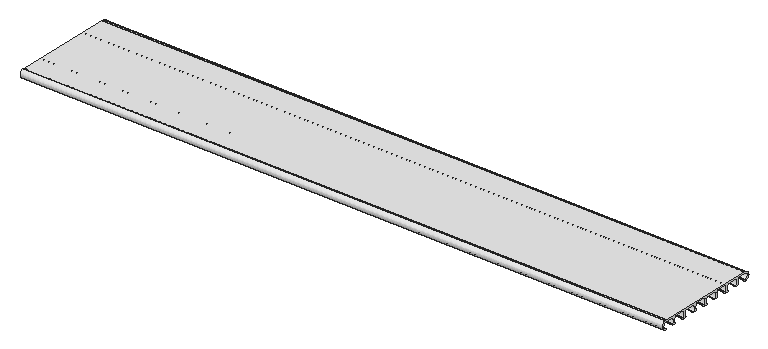
Revit family "Shelf-8in_Rakks", category Specialty Equipment, Revit 2026
Family settings
  Round Connector Dimension = Use Diameter
  Part Type = Normal
  Classification Number = 23.40.50.31.11.14
  Work Plane-Based = No
  Enable Cutting in Views = No
  Always vertical = Yes
  Cut with Voids When Loaded = No
  Maintain Annotation Orientation = No
  Shared = Yes
  Room Calculation Point = No
Parameters
  Warranty Duration (Years) = 0
  Unit Width [instance] = 4' - 0"
  Unit Depth = 0' - 8"
  URL = "http://www.rakks.com/"
  Test Data = "http://www.rakks.com/pdfs/Rangine_Corporation_Leed_Statement.pdf"
  Specification = "http://www.arcat.com/sdspecs/htm/10670rak.htm"
  Send Message = "http://www.arcat.com/users.pl?action=UserEmail&company=Rangine%20Corp.%20-%20Rakks&coid=35076&rep=116&fax=781-455-8702&mf="
  Sales Information = "http://store.rakks.com/"
  Revision = "R1_03-2010"
  Product Properties = "http://www.arcat.com/bim/bim_info.pl?fn=Shelving_Rakks"
  Product Data = "http://www.arcat.com/arcatcos/cos35/arc35076.html"
  Model = ""
  Material = Metal - Clear Anodized
  Manufacturer Website = "http://www.rakks.com/"
  Manufacturer Phone - Toll Free = "800-826-6006"
  Manufacturer Phone = "781-455-8700"
  Manufacturer Fax = "781-455-8702"
  Manufacturer Address = "330 Reservoir St., Needham, MA 02494"
  Manufacturer = "Rangine Corp. - Rakks"
  Maintenance Schedule (Months) = 0
  Keynote = "10 56 00"
  Installation-Fabrication = "http://www.rakks.com/literature/install.html"
  Installation Phase = ""
  Green Building-LEED = "http://www.arcat.com/green/clients/leed_data_35076.html"
  Expected Lifespan (Years) = 0
  Drawn By = "Robert S. Weygant, CSI, CDT, SCIP"
  Description = ""
  Default Elevation = 0' - 0"
  Copyright = "2010, ARCAT, Inc"
  Construction Details = "http://www.arcat.com/details/rangine/rangine.html?coid=35076"
  Capacity (Weight) = 0.00 lbf
  Building Codes = ""
  Assembly Code = "E1010500"
Reference planes (in)
  plane 1 "Back": y = 0
  plane 2: z = 0
  plane 3 "Center (Left/Right)": x = 0
  plane 4: x = -24
  plane 5: x = 24
Forms (in)
  Extrusion 1, solid, material "Metal - Clear Anodized" <- "Material"
    sketch origin (0, 0, 0) x (0, 1, 0) y (0, 0, 1)
      loop
        line (-7.65737, 0.5821) -> (-7.67948, 0.55999) -> (-7.71569, 0.55999)
        arc (-7.71569, 0.55999) -> (-7.99527, 0.29511) -> (-7.74587, 0.00164) r 0.27999
        arc (-7.74587, 0.00164) -> (-7.71554, 0.02601) -> (-7.73989, 0.05636) r 0.02753
        arc (-7.73989, 0.05636) -> (-7.9399, 0.29235) -> (-7.71524, 0.505) r 0.225
        line (-7.71524, 0.505) -> (-7.06263, 0.505)
        arc (-7.06263, 0.505) -> (-6.98784, 0.28921) -> (-7.02518, 0.0639) r 0.4635
        line (-7.02518, 0.0639) -> (-7.02518, 0) -> (-6.87949, 0)
        arc (-6.87949, 0) -> (-6.86654, 0.00743) -> (-6.86643, 0.02237) r 0.015
        arc (-6.86643, 0.02237) -> (-6.9259, 0.26603) -> (-6.84973, 0.505) r 0.4635
        line (-6.84973, 0.505) -> (-6.07563, 0.505)
        arc (-6.07563, 0.505) -> (-5.99945, 0.26603) -> (-6.05892, 0.02237) r 0.4635
        arc (-6.05892, 0.02237) -> (-6.05881, 0.00743) -> (-6.04586, 0) r 0.015
        line (-6.04586, 0) -> (-5.89249, 0)
        arc (-5.89249, 0) -> (-5.87954, 0.00743) -> (-5.87943, 0.02237) r 0.015
        arc (-5.87943, 0.02237) -> (-5.9389, 0.26603) -> (-5.86273, 0.505) r 0.4635
        line (-5.86273, 0.505) -> (-5.08863, 0.505)
        arc (-5.08863, 0.505) -> (-5.01245, 0.26603) -> (-5.07192, 0.02237) r 0.4635
        arc (-5.07192, 0.02237) -> (-5.07181, 0.00743) -> (-5.05886, 0) r 0.015
        line (-5.05886, 0) -> (-4.90549, 0)
        arc (-4.90549, 0) -> (-4.89254, 0.00743) -> (-4.89243, 0.02237) r 0.015
        arc (-4.89243, 0.02237) -> (-4.9519, 0.26603) -> (-4.87573, 0.505) r 0.4635
        line (-4.87573, 0.505) -> (-4.12163, 0.505)
        arc (-4.12163, 0.505) -> (-4.04545, 0.26603) -> (-4.10492, 0.02237) r 0.4635
        arc (-4.10492, 0.02237) -> (-4.10481, 0.00743) -> (-4.09186, 0) r 0.015
        line (-4.09186, 0) -> (-3.90332, 0)
        arc (-3.90332, 0) -> (-3.89037, 0.00743) -> (-3.89025, 0.02237) r 0.015
        arc (-3.89025, 0.02237) -> (-3.94972, 0.26603) -> (-3.87355, 0.505) r 0.4635
        line (-3.87355, 0.505) -> (-3.11945, 0.505)
        arc (-3.11945, 0.505) -> (-3.04328, 0.26603) -> (-3.10275, 0.02237) r 0.4635
        arc (-3.10275, 0.02237) -> (-3.10263, 0.00743) -> (-3.08968, 0) r 0.015
        line (-3.08968, 0) -> (-2.93632, 0)
        arc (-2.93632, 0) -> (-2.92337, 0.00743) -> (-2.92325, 0.02237) r 0.015
        arc (-2.92325, 0.02237) -> (-2.98272, 0.26603) -> (-2.90655, 0.505) r 0.4635
        line (-2.90655, 0.505) -> (-2.13245, 0.505)
        arc (-2.13245, 0.505) -> (-2.05628, 0.26603) -> (-2.11575, 0.02237) r 0.4635
        arc (-2.11575, 0.02237) -> (-2.11563, 0.00743) -> (-2.10268, 0) r 0.015
        line (-2.10268, 0) -> (-1.94932, 0)
        arc (-1.94932, 0) -> (-1.93637, 0.00743) -> (-1.93625, 0.02237) r 0.015
        arc (-1.93625, 0.02237) -> (-1.99572, 0.26603) -> (-1.91955, 0.505) r 0.4635
        line (-1.91955, 0.505) -> (-1.14545, 0.505)
        arc (-1.14545, 0.505) -> (-1.06928, 0.26603) -> (-1.12875, 0.02237) r 0.4635
        arc (-1.12875, 0.02237) -> (-1.12863, 0.00743) -> (-1.11568, 0) r 0.015
        line (-1.11568, 0) -> (-0.97, 0) -> (-0.97, 0.0639)
        arc (-0.97, 0.0639) -> (-1.00734, 0.28921) -> (-0.93255, 0.505) r 0.4635
        line (-0.93255, 0.505) -> (-0.28, 0.505)
        arc (-0.28, 0.505) -> (-0.05533, 0.29227) -> (-0.2555, 0.05634) r 0.225
        arc (-0.2555, 0.05634) -> (-0.27984, 0.02601) -> (-0.2495, 0.00167) r 0.0275
        arc (-0.2495, 0.00167) -> (-0.00042, 0.29527) -> (-0.28, 0.56) r 0.28
        line (-0.28, 0.56) -> (-0.31521, 0.56) -> (-0.33731, 0.5821) -> (-7.65737, 0.5821)
    from -24 to 24
Dimensions and locks (in)
  equal spacing: plane 4, plane 3 "Center (Left/Right)", plane 5
  "Unit Width": plane 4 to plane 5
  aligned and locked: Extrusion 1 to plane 4
  aligned and locked: plane 5 to Extrusion 1
Automatic sketch dimensions
  Extrusion 1 sketch curve to Extrusion 1 sketch curve = 0' - 0"  (x33)
  level to Extrusion 1 sketch curve = 0' - 0.5821"
  Extrusion 1 sketch curve to Extrusion 1 sketch curve = 0' - 0.00297"
  Extrusion 1 sketch curve to Extrusion 1 sketch curve = 0' - 0.00302"
  Extrusion 1 sketch curve to Extrusion 1 sketch curve = 0' - 0.0242"
  Extrusion 1 sketch curve to Extrusion 1 sketch curve = 0' - 0.00045"
  Extrusion 1 sketch curve to Extrusion 1 sketch curve = 0' - 0.03621"
  level to Extrusion 1 sketch curve = 0' - 0.55999"
  Extrusion 1 sketch curve to Extrusion 1 sketch curve = 0' - 0.02211"
  Extrusion 1 sketch curve to Extrusion 1 sketch curve = 0' - 0.26556"
  level to Extrusion 1 sketch curve = 0' - 0.505"  (x8)
  Extrusion 1 sketch curve to Extrusion 1 sketch curve = 0' - 0.38705"  (x8)
  Extrusion 1 sketch curve to Extrusion 1 sketch curve = 0' - 0.03745"
  Extrusion 1 sketch curve to Extrusion 1 sketch curve = 0' - 0.14568"  (x2)
  Extrusion 1 sketch curve to Extrusion 1 sketch curve = 0' - 0.01307"  (x12)
  Extrusion 1 sketch curve to Extrusion 1 sketch curve = 0' - 0.2129"  (x6)
  Extrusion 1 sketch curve to Extrusion 1 sketch curve = 0' - 0.40375"  (x5)
  Extrusion 1 sketch curve to Extrusion 1 sketch curve = 0' - 0.15336"  (x4)
  Extrusion 1 sketch curve to Extrusion 1 sketch curve = 0' - 0.38375"  (x3)
  Extrusion 1 sketch curve to Extrusion 1 sketch curve = 0' - 0.02"  (x2)
  Extrusion 1 sketch curve to Extrusion 1 sketch curve = 0' - 0.36705"  (x2)
  Extrusion 1 sketch curve to Extrusion 1 sketch curve = 0' - 0.4245"
  plane 1 "Back" to Extrusion 1 sketch curve = 0' - 0.33731"
  Extrusion 1 sketch curve to Extrusion 1 sketch curve = 0' - 0.0221"
  Extrusion 1 sketch curve to Extrusion 1 sketch curve = 0' - 0.2655"
  Extrusion 1 sketch curve to Extrusion 1 sketch curve = 0' - 0.0245"
  Extrusion 1 sketch curve to Extrusion 1 sketch curve = 0' - 0.003"
  Extrusion 1 sketch curve to Extrusion 1 sketch curve = 0' - 0.505"
  Extrusion 1 sketch curve to Extrusion 1 sketch curve = 0' - 0 1/4"  (x2)
  Extrusion 1 sketch curve to Extrusion 1 sketch curve = 0' - 0.50333"
  Extrusion 1 sketch curve to Extrusion 1 sketch curve = 0' - 0.0639"  (x2)
  Extrusion 1 sketch curve to Extrusion 1 sketch curve = 0' - 0.23029"
  Extrusion 1 sketch curve to Extrusion 1 sketch curve = 0' - 0.18854"
  Extrusion 1 sketch curve to Extrusion 1 sketch curve = 0' - 0.24808"
  level to Extrusion 1 sketch curve = 0' - 0 1/4"
